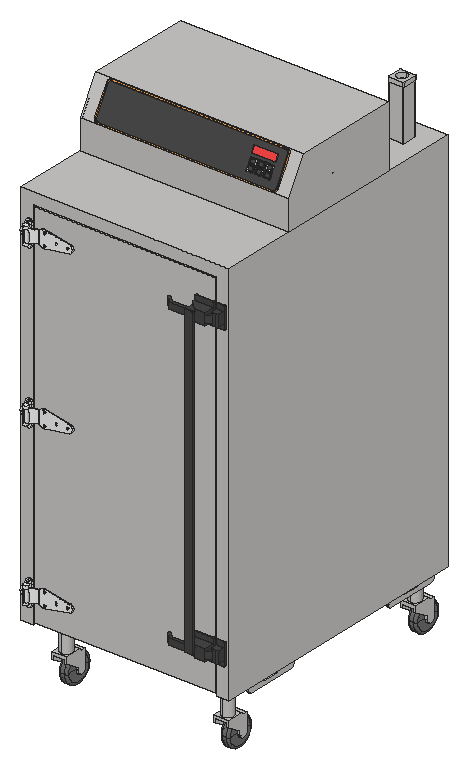
Revit family "QF_Southern Pride_SC-300", category Specialty Equipment, Revit 2019
Family settings
  Round Connector Dimension = Use Diameter
  Part Type = Normal
  OmniClass Number = 23.40.40.14.17.27
  OmniClass Title = Barbecues
  Work Plane-Based = No
  Always vertical = Yes
  Cut with Voids When Loaded = No
  Shared = No
  Room Calculation Point = No
Parameters
  Weight in Pounds = 300
  Watermarked By = ""
  Volts = 208 V
  URL Cutsheet = "https://www.southernpride.com/products/electric-smoker/sc-300"
  URL = "www.southernpride.com"
  Status [instance] = ""
  Specification by User [instance] = ""
  Specification by Manufacturer [instance] = ""
  Show Logo [instance] = yes
  Show Clearance [instance] = yes
  Serial Number [instance] = ""
  Revision Code [instance] = ""
  Phase = 1
  Optional Right Hand Door Hinge [instance] = no
  Number of Poles [instance] = 1
  NAFEM Spec ID Number [instance] = ""
  Model = "SC-300"
  Masterspec [instance] = ""
  Manufacturer = "Southern Pride"  # constant formula
  Left Hand Door Hinge [instance] = not(Optional Right Hand Door Hinge)  # yes
  Item Number [instance] = "-"
  Installed By [instance] = ""
  Furnished By [instance] = ""
  Foodservice Equipment Identifier = yes
  FL Amps = 30 A
  Electrical Remarks [instance] = ""
  Electric Connection Type = "2 Wire (plus Ground)"
  Elec Conn RI Height [instance] = 0.000"
  Elec Conn Connection Height = 13.375"
  Description = "Stationary Rack Smoker, Electric Woodchip-Burning"
  Cycle = 60 Hz
  Content Creator URL = "http://foodeqsym.com/"
  Content Creator = "Foodservice Equipment Symbols, LLC"  # constant formula
  Content Created = "01/04/2023"  # constant formula
  Conn Conduit = yes
  CSI MasterFormat = "11 44 00"
  Assembly Code = "E1090320"
  Apparent Power = if(Phase = 3, Volts * FL Amps * 1.73, Volts * FL Amps)  # 6240 VA
Reference planes (in)
  plane 1 "BACK": y = 0
  plane 2: z = 0
  plane 3 "LEFT": x = -16.56573
  plane 4 "RIGHT": x = 8.18427
  plane 5 "FRONT": y = -32.5
  plane 6 "TOP": z = 61.25
  plane 7 "Box Bottom": z = 7.75
  plane 8 "Box Top": z = 53.875
  plane 9 "Door Back": y = -31.5
  plane 10 "Door Top": z = 52.375
  plane 11 "Center LR": x = -4.19073
  plane 12 "Door Left": x = -14.94073
  plane 13 "Door Right": x = 6.55927
  plane 14 "Door Bottom": z = 8
  plane 15 "Top Front": y = -23.625
  plane 16 "Top Back": y = -8.75
  plane 17 "Flue Top": z = 60.4375
  plane 18 "Flue Top Bottom": z = 59.9375
  plane 19 "Flue CL LR": x = 5.18427
  plane 20 "Flue CL FB": y = -3
  plane 21 "Lower Back": y = -2.25
  plane 22 "Lower Front": y = -28.375
Forms (in)
  Extrusion 1, solid, material "QF_Stainless-Polished"
    sketch origin (0, 0, 0) x (1, 0, 0) y (0, 0, 1)
      loop
        line (-16.56573, 7.75) -> (-15.06573, 7.75) -> (-15.06573, 52.5) -> (6.68427, 52.5) -> (6.68427, 7.75) -> (8.18427, 7.75) -> (8.18427, 53.875) -> (-16.56573, 53.875) -> (-16.56573, 7.75)
    from 0 to 32.5
  Extrusion 2, solid, material "QF_Stainless-Polished"
    sketch origin (0, 0, 0) x (1, 0, 0) y (0, 0, 1)
      loop
        line (-15.06573, 52.5) -> (-15.06573, 7.75) -> (6.68427, 7.75) -> (6.68427, 52.5) -> (-15.06573, 52.5)
    from 0 to 31.5
  Extrusion 3, solid, material "QF_Stainless-Polished"
    sketch origin (0, 0, 7.75) x (0, 1, 0) y (-1, 0, 0)
      loop
        circle (-1.375, 13.81573) r 0.6875
      loop
        circle (-1.375, -5.43427) r 0.6875
      loop
        circle (-29.25, 13.81573) r 0.6875
      loop
        circle (-29.25, -5.43427) r 0.6875
    from 0 to -3.75
  Extrusion 4, solid, material "QF_Stainless-Polished"
    sketch origin (-16.56573, 0, 0) x (0, 1, 0) y (0, 0, 1)
      loop
        line (-23.625, 53.875) -> (-23.5, 53.875) -> (-23.5, 57.34151) -> (-21.3156, 61.125) -> (-8.875, 61.125) -> (-8.875, 53.875) -> (-8.75, 53.875) -> (-8.75, 61.25) -> (-21.38777, 61.25) -> (-23.625, 57.375) -> (-23.625, 53.875)
    from 0 to 24.75
  Extrusion 5, solid, material "QF_Stainless-Polished"
    sketch origin (-16.56573, 0, 0) x (0, 1, 0) y (0, 0, 1)
      loop
        line (-23.5, 57.34151) -> (-23.5, 53.875) -> (-8.875, 53.875) -> (-8.875, 61.125) -> (-21.3156, 61.125) -> (-23.5, 57.34151)
      loop
        arc (-22.125, 56.375) -> (-22.0625, 56.3125) -> (-22, 56.375) r 0.0625
        line (-22, 56.375) -> (-22, 57.375)
        arc (-22, 57.375) -> (-22.0625, 57.4375) -> (-22.125, 57.375) r 0.0625
        line (-22.125, 57.375) -> (-22.125, 56.375)
      loop
        arc (-21.75, 57.125) -> (-21.6875, 57.0625) -> (-21.625, 57.125) r 0.0625
        line (-21.625, 57.125) -> (-21.625, 58.125)
        arc (-21.625, 58.125) -> (-21.6875, 58.1875) -> (-21.75, 58.125) r 0.0625
        line (-21.75, 58.125) -> (-21.75, 57.125)
      loop
        arc (-21.375, 57.875) -> (-21.3125, 57.8125) -> (-21.25, 57.875) r 0.0625
        line (-21.25, 57.875) -> (-21.25, 58.875)
        arc (-21.25, 58.875) -> (-21.3125, 58.9375) -> (-21.375, 58.875) r 0.0625
        line (-21.375, 58.875) -> (-21.375, 57.875)
      loop
        arc (-21, 58.625) -> (-20.9375, 58.5625) -> (-20.875, 58.625) r 0.0625
        line (-20.875, 58.625) -> (-20.875, 59.625)
        arc (-20.875, 59.625) -> (-20.9375, 59.6875) -> (-21, 59.625) r 0.0625
        line (-21, 59.625) -> (-21, 58.625)
      loop
        arc (-20.5, 56.375) -> (-20.4375, 56.3125) -> (-20.375, 56.375) r 0.0625
        line (-20.375, 56.375) -> (-20.375, 57.375)
        arc (-20.375, 57.375) -> (-20.4375, 57.4375) -> (-20.5, 57.375) r 0.0625
        line (-20.5, 57.375) -> (-20.5, 56.375)
      loop
        arc (-20.125, 57.125) -> (-20.0625, 57.0625) -> (-20, 57.125) r 0.0625
        line (-20, 57.125) -> (-20, 58.125)
        arc (-20, 58.125) -> (-20.0625, 58.1875) -> (-20.125, 58.125) r 0.0625
        line (-20.125, 58.125) -> (-20.125, 57.125)
      loop
        arc (-19.75, 57.875) -> (-19.6875, 57.8125) -> (-19.625, 57.875) r 0.0625
        line (-19.625, 57.875) -> (-19.625, 58.875)
        arc (-19.625, 58.875) -> (-19.6875, 58.9375) -> (-19.75, 58.875) r 0.0625
        line (-19.75, 58.875) -> (-19.75, 57.875)
      loop
        arc (-19.375, 58.625) -> (-19.3125, 58.5625) -> (-19.25, 58.625) r 0.0625
        line (-19.25, 58.625) -> (-19.25, 59.625)
        arc (-19.25, 59.625) -> (-19.3125, 59.6875) -> (-19.375, 59.625) r 0.0625
        line (-19.375, 59.625) -> (-19.375, 58.625)
      loop
        arc (-20.875, 55.625) -> (-20.8125, 55.5625) -> (-20.75, 55.625) r 0.0625
        line (-20.75, 55.625) -> (-20.75, 56.625)
        arc (-20.75, 56.625) -> (-20.8125, 56.6875) -> (-20.875, 56.625) r 0.0625
        line (-20.875, 56.625) -> (-20.875, 55.625)
      loop
        arc (-18.875, 56.375) -> (-18.8125, 56.3125) -> (-18.75, 56.375) r 0.0625
        line (-18.75, 56.375) -> (-18.75, 57.375)
        arc (-18.75, 57.375) -> (-18.8125, 57.4375) -> (-18.875, 57.375) r 0.0625
        line (-18.875, 57.375) -> (-18.875, 56.375)
      loop
        arc (-18.5, 57.125) -> (-18.4375, 57.0625) -> (-18.375, 57.125) r 0.0625
        line (-18.375, 57.125) -> (-18.375, 58.125)
        arc (-18.375, 58.125) -> (-18.4375, 58.1875) -> (-18.5, 58.125) r 0.0625
        line (-18.5, 58.125) -> (-18.5, 57.125)
      loop
        arc (-18.125, 57.875) -> (-18.0625, 57.8125) -> (-18, 57.875) r 0.0625
        line (-18, 57.875) -> (-18, 58.875)
        arc (-18, 58.875) -> (-18.0625, 58.9375) -> (-18.125, 58.875) r 0.0625
        line (-18.125, 58.875) -> (-18.125, 57.875)
      loop
        arc (-17.75, 58.625) -> (-17.6875, 58.5625) -> (-17.625, 58.625) r 0.0625
        line (-17.625, 58.625) -> (-17.625, 59.625)
        arc (-17.625, 59.625) -> (-17.6875, 59.6875) -> (-17.75, 59.625) r 0.0625
        line (-17.75, 59.625) -> (-17.75, 58.625)
      loop
        arc (-19.25, 55.625) -> (-19.1875, 55.5625) -> (-19.125, 55.625) r 0.0625
        line (-19.125, 55.625) -> (-19.125, 56.625)
        arc (-19.125, 56.625) -> (-19.1875, 56.6875) -> (-19.25, 56.625) r 0.0625
        line (-19.25, 56.625) -> (-19.25, 55.625)
      loop
        arc (-17.25, 56.375) -> (-17.1875, 56.3125) -> (-17.125, 56.375) r 0.0625
        line (-17.125, 56.375) -> (-17.125, 57.375)
        arc (-17.125, 57.375) -> (-17.1875, 57.4375) -> (-17.25, 57.375) r 0.0625
        line (-17.25, 57.375) -> (-17.25, 56.375)
      loop
        arc (-16.875, 57.125) -> (-16.8125, 57.0625) -> (-16.75, 57.125) r 0.0625
        line (-16.75, 57.125) -> (-16.75, 58.125)
        arc (-16.75, 58.125) -> (-16.8125, 58.1875) -> (-16.875, 58.125) r 0.0625
        line (-16.875, 58.125) -> (-16.875, 57.125)
      loop
        arc (-16.5, 57.875) -> (-16.4375, 57.8125) -> (-16.375, 57.875) r 0.0625
        line (-16.375, 57.875) -> (-16.375, 58.875)
        arc (-16.375, 58.875) -> (-16.4375, 58.9375) -> (-16.5, 58.875) r 0.0625
        line (-16.5, 58.875) -> (-16.5, 57.875)
      loop
        arc (-16.125, 58.625) -> (-16.0625, 58.5625) -> (-16, 58.625) r 0.0625
        line (-16, 58.625) -> (-16, 59.625)
        arc (-16, 59.625) -> (-16.0625, 59.6875) -> (-16.125, 59.625) r 0.0625
        line (-16.125, 59.625) -> (-16.125, 58.625)
      loop
        arc (-17.625, 55.625) -> (-17.5625, 55.5625) -> (-17.5, 55.625) r 0.0625
        line (-17.5, 55.625) -> (-17.5, 56.625)
        arc (-17.5, 56.625) -> (-17.5625, 56.6875) -> (-17.625, 56.625) r 0.0625
        line (-17.625, 56.625) -> (-17.625, 55.625)
      loop
        arc (-15.625, 56.375) -> (-15.5625, 56.3125) -> (-15.5, 56.375) r 0.0625
        line (-15.5, 56.375) -> (-15.5, 57.375)
        arc (-15.5, 57.375) -> (-15.5625, 57.4375) -> (-15.625, 57.375) r 0.0625
        line (-15.625, 57.375) -> (-15.625, 56.375)
      loop
        arc (-15.25, 57.125) -> (-15.1875, 57.0625) -> (-15.125, 57.125) r 0.0625
        line (-15.125, 57.125) -> (-15.125, 58.125)
        arc (-15.125, 58.125) -> (-15.1875, 58.1875) -> (-15.25, 58.125) r 0.0625
        line (-15.25, 58.125) -> (-15.25, 57.125)
      loop
        arc (-14.875, 57.875) -> (-14.8125, 57.8125) -> (-14.75, 57.875) r 0.0625
        line (-14.75, 57.875) -> (-14.75, 58.875)
        arc (-14.75, 58.875) -> (-14.8125, 58.9375) -> (-14.875, 58.875) r 0.0625
        line (-14.875, 58.875) -> (-14.875, 57.875)
      loop
        arc (-14.5, 58.625) -> (-14.4375, 58.5625) -> (-14.375, 58.625) r 0.0625
        line (-14.375, 58.625) -> (-14.375, 59.625)
        arc (-14.375, 59.625) -> (-14.4375, 59.6875) -> (-14.5, 59.625) r 0.0625
        line (-14.5, 59.625) -> (-14.5, 58.625)
      loop
        arc (-16, 55.625) -> (-15.9375, 55.5625) -> (-15.875, 55.625) r 0.0625
        line (-15.875, 55.625) -> (-15.875, 56.625)
        arc (-15.875, 56.625) -> (-15.9375, 56.6875) -> (-16, 56.625) r 0.0625
        line (-16, 56.625) -> (-16, 55.625)
      loop
        arc (-14, 56.375) -> (-13.9375, 56.3125) -> (-13.875, 56.375) r 0.0625
        line (-13.875, 56.375) -> (-13.875, 57.375)
        arc (-13.875, 57.375) -> (-13.9375, 57.4375) -> (-14, 57.375) r 0.0625
        line (-14, 57.375) -> (-14, 56.375)
      loop
        arc (-13.625, 57.125) -> (-13.5625, 57.0625) -> (-13.5, 57.125) r 0.0625
        line (-13.5, 57.125) -> (-13.5, 58.125)
        arc (-13.5, 58.125) -> (-13.5625, 58.1875) -> (-13.625, 58.125) r 0.0625
        line (-13.625, 58.125) -> (-13.625, 57.125)
      loop
        arc (-13.25, 57.875) -> (-13.1875, 57.8125) -> (-13.125, 57.875) r 0.0625
        line (-13.125, 57.875) -> (-13.125, 58.875)
        arc (-13.125, 58.875) -> (-13.1875, 58.9375) -> (-13.25, 58.875) r 0.0625
        line (-13.25, 58.875) -> (-13.25, 57.875)
      loop
        arc (-12.875, 58.625) -> (-12.8125, 58.5625) -> (-12.75, 58.625) r 0.0625
        line (-12.75, 58.625) -> (-12.75, 59.625)
        arc (-12.75, 59.625) -> (-12.8125, 59.6875) -> (-12.875, 59.625) r 0.0625
        line (-12.875, 59.625) -> (-12.875, 58.625)
      loop
        arc (-14.375, 55.625) -> (-14.3125, 55.5625) -> (-14.25, 55.625) r 0.0625
        line (-14.25, 55.625) -> (-14.25, 56.625)
        arc (-14.25, 56.625) -> (-14.3125, 56.6875) -> (-14.375, 56.625) r 0.0625
        line (-14.375, 56.625) -> (-14.375, 55.625)
      loop
        arc (-12.375, 56.375) -> (-12.3125, 56.3125) -> (-12.25, 56.375) r 0.0625
        line (-12.25, 56.375) -> (-12.25, 57.375)
        arc (-12.25, 57.375) -> (-12.3125, 57.4375) -> (-12.375, 57.375) r 0.0625
        line (-12.375, 57.375) -> (-12.375, 56.375)
      loop
        arc (-12, 57.125) -> (-11.9375, 57.0625) -> (-11.875, 57.125) r 0.0625
        line (-11.875, 57.125) -> (-11.875, 58.125)
        arc (-11.875, 58.125) -> (-11.9375, 58.1875) -> (-12, 58.125) r 0.0625
        line (-12, 58.125) -> (-12, 57.125)
      loop
        arc (-11.625, 57.875) -> (-11.5625, 57.8125) -> (-11.5, 57.875) r 0.0625
        line (-11.5, 57.875) -> (-11.5, 58.875)
        arc (-11.5, 58.875) -> (-11.5625, 58.9375) -> (-11.625, 58.875) r 0.0625
        line (-11.625, 58.875) -> (-11.625, 57.875)
      loop
        arc (-11.25, 58.625) -> (-11.1875, 58.5625) -> (-11.125, 58.625) r 0.0625
        line (-11.125, 58.625) -> (-11.125, 59.625)
        arc (-11.125, 59.625) -> (-11.1875, 59.6875) -> (-11.25, 59.625) r 0.0625
        line (-11.25, 59.625) -> (-11.25, 58.625)
      loop
        arc (-12.75, 55.625) -> (-12.6875, 55.5625) -> (-12.625, 55.625) r 0.0625
        line (-12.625, 55.625) -> (-12.625, 56.625)
        arc (-12.625, 56.625) -> (-12.6875, 56.6875) -> (-12.75, 56.625) r 0.0625
        line (-12.75, 56.625) -> (-12.75, 55.625)
      loop
        arc (-10.75, 56.375) -> (-10.6875, 56.3125) -> (-10.625, 56.375) r 0.0625
        line (-10.625, 56.375) -> (-10.625, 57.375)
        arc (-10.625, 57.375) -> (-10.6875, 57.4375) -> (-10.75, 57.375) r 0.0625
        line (-10.75, 57.375) -> (-10.75, 56.375)
      loop
        arc (-10.375, 57.125) -> (-10.3125, 57.0625) -> (-10.25, 57.125) r 0.0625
        line (-10.25, 57.125) -> (-10.25, 58.125)
        arc (-10.25, 58.125) -> (-10.3125, 58.1875) -> (-10.375, 58.125) r 0.0625
        line (-10.375, 58.125) -> (-10.375, 57.125)
      loop
        arc (-10, 57.875) -> (-9.9375, 57.8125) -> (-9.875, 57.875) r 0.0625
        line (-9.875, 57.875) -> (-9.875, 58.875)
        arc (-9.875, 58.875) -> (-9.9375, 58.9375) -> (-10, 58.875) r 0.0625
        line (-10, 58.875) -> (-10, 57.875)
      loop
        arc (-11.125, 55.625) -> (-11.0625, 55.5625) -> (-11, 55.625) r 0.0625
        line (-11, 55.625) -> (-11, 56.625)
        arc (-11, 56.625) -> (-11.0625, 56.6875) -> (-11.125, 56.625) r 0.0625
        line (-11.125, 56.625) -> (-11.125, 55.625)
    from 0 to 0.125
  Extrusion 6, solid, material "QF_Stainless-Polished"
    sketch origin (8.18427, 0, 0) x (0, 1, 0) y (0, 0, 1)
      loop
        line (-23.5, 57.34151) -> (-23.5, 53.875) -> (-8.875, 53.875) -> (-8.875, 61.125) -> (-21.3156, 61.125) -> (-23.5, 57.34151)
      loop
        arc (-22.125, 56.375) -> (-22.0625, 56.3125) -> (-22, 56.375) r 0.0625
        line (-22, 56.375) -> (-22, 57.375)
        arc (-22, 57.375) -> (-22.0625, 57.4375) -> (-22.125, 57.375) r 0.0625
        line (-22.125, 57.375) -> (-22.125, 56.375)
      loop
        arc (-21.75, 57.125) -> (-21.6875, 57.0625) -> (-21.625, 57.125) r 0.0625
        line (-21.625, 57.125) -> (-21.625, 58.125)
        arc (-21.625, 58.125) -> (-21.6875, 58.1875) -> (-21.75, 58.125) r 0.0625
        line (-21.75, 58.125) -> (-21.75, 57.125)
      loop
        arc (-21.375, 57.875) -> (-21.3125, 57.8125) -> (-21.25, 57.875) r 0.0625
        line (-21.25, 57.875) -> (-21.25, 58.875)
        arc (-21.25, 58.875) -> (-21.3125, 58.9375) -> (-21.375, 58.875) r 0.0625
        line (-21.375, 58.875) -> (-21.375, 57.875)
      loop
        arc (-21, 58.625) -> (-20.9375, 58.5625) -> (-20.875, 58.625) r 0.0625
        line (-20.875, 58.625) -> (-20.875, 59.625)
        arc (-20.875, 59.625) -> (-20.9375, 59.6875) -> (-21, 59.625) r 0.0625
        line (-21, 59.625) -> (-21, 58.625)
      loop
        arc (-20.5, 56.375) -> (-20.4375, 56.3125) -> (-20.375, 56.375) r 0.0625
        line (-20.375, 56.375) -> (-20.375, 57.375)
        arc (-20.375, 57.375) -> (-20.4375, 57.4375) -> (-20.5, 57.375) r 0.0625
        line (-20.5, 57.375) -> (-20.5, 56.375)
      loop
        arc (-20.125, 57.125) -> (-20.0625, 57.0625) -> (-20, 57.125) r 0.0625
        line (-20, 57.125) -> (-20, 58.125)
        arc (-20, 58.125) -> (-20.0625, 58.1875) -> (-20.125, 58.125) r 0.0625
        line (-20.125, 58.125) -> (-20.125, 57.125)
      loop
        arc (-19.75, 57.875) -> (-19.6875, 57.8125) -> (-19.625, 57.875) r 0.0625
        line (-19.625, 57.875) -> (-19.625, 58.875)
        arc (-19.625, 58.875) -> (-19.6875, 58.9375) -> (-19.75, 58.875) r 0.0625
        line (-19.75, 58.875) -> (-19.75, 57.875)
      loop
        arc (-19.375, 58.625) -> (-19.3125, 58.5625) -> (-19.25, 58.625) r 0.0625
        line (-19.25, 58.625) -> (-19.25, 59.625)
        arc (-19.25, 59.625) -> (-19.3125, 59.6875) -> (-19.375, 59.625) r 0.0625
        line (-19.375, 59.625) -> (-19.375, 58.625)
      loop
        arc (-20.875, 55.625) -> (-20.8125, 55.5625) -> (-20.75, 55.625) r 0.0625
        line (-20.75, 55.625) -> (-20.75, 56.625)
        arc (-20.75, 56.625) -> (-20.8125, 56.6875) -> (-20.875, 56.625) r 0.0625
        line (-20.875, 56.625) -> (-20.875, 55.625)
      loop
        arc (-18.875, 56.375) -> (-18.8125, 56.3125) -> (-18.75, 56.375) r 0.0625
        line (-18.75, 56.375) -> (-18.75, 57.375)
        arc (-18.75, 57.375) -> (-18.8125, 57.4375) -> (-18.875, 57.375) r 0.0625
        line (-18.875, 57.375) -> (-18.875, 56.375)
      loop
        arc (-18.5, 57.125) -> (-18.4375, 57.0625) -> (-18.375, 57.125) r 0.0625
        line (-18.375, 57.125) -> (-18.375, 58.125)
        arc (-18.375, 58.125) -> (-18.4375, 58.1875) -> (-18.5, 58.125) r 0.0625
        line (-18.5, 58.125) -> (-18.5, 57.125)
      loop
        arc (-18.125, 57.875) -> (-18.0625, 57.8125) -> (-18, 57.875) r 0.0625
        line (-18, 57.875) -> (-18, 58.875)
        arc (-18, 58.875) -> (-18.0625, 58.9375) -> (-18.125, 58.875) r 0.0625
        line (-18.125, 58.875) -> (-18.125, 57.875)
      loop
        arc (-17.75, 58.625) -> (-17.6875, 58.5625) -> (-17.625, 58.625) r 0.0625
        line (-17.625, 58.625) -> (-17.625, 59.625)
        arc (-17.625, 59.625) -> (-17.6875, 59.6875) -> (-17.75, 59.625) r 0.0625
        line (-17.75, 59.625) -> (-17.75, 58.625)
      loop
        arc (-19.25, 55.625) -> (-19.1875, 55.5625) -> (-19.125, 55.625) r 0.0625
        line (-19.125, 55.625) -> (-19.125, 56.625)
        arc (-19.125, 56.625) -> (-19.1875, 56.6875) -> (-19.25, 56.625) r 0.0625
        line (-19.25, 56.625) -> (-19.25, 55.625)
      loop
        arc (-17.25, 56.375) -> (-17.1875, 56.3125) -> (-17.125, 56.375) r 0.0625
        line (-17.125, 56.375) -> (-17.125, 57.375)
        arc (-17.125, 57.375) -> (-17.1875, 57.4375) -> (-17.25, 57.375) r 0.0625
        line (-17.25, 57.375) -> (-17.25, 56.375)
      loop
        arc (-16.875, 57.125) -> (-16.8125, 57.0625) -> (-16.75, 57.125) r 0.0625
        line (-16.75, 57.125) -> (-16.75, 58.125)
        arc (-16.75, 58.125) -> (-16.8125, 58.1875) -> (-16.875, 58.125) r 0.0625
        line (-16.875, 58.125) -> (-16.875, 57.125)
      loop
        arc (-16.5, 57.875) -> (-16.4375, 57.8125) -> (-16.375, 57.875) r 0.0625
        line (-16.375, 57.875) -> (-16.375, 58.875)
        arc (-16.375, 58.875) -> (-16.4375, 58.9375) -> (-16.5, 58.875) r 0.0625
        line (-16.5, 58.875) -> (-16.5, 57.875)
      loop
        arc (-16.125, 58.625) -> (-16.0625, 58.5625) -> (-16, 58.625) r 0.0625
        line (-16, 58.625) -> (-16, 59.625)
        arc (-16, 59.625) -> (-16.0625, 59.6875) -> (-16.125, 59.625) r 0.0625
        line (-16.125, 59.625) -> (-16.125, 58.625)
      loop
        arc (-17.625, 55.625) -> (-17.5625, 55.5625) -> (-17.5, 55.625) r 0.0625
        line (-17.5, 55.625) -> (-17.5, 56.625)
        arc (-17.5, 56.625) -> (-17.5625, 56.6875) -> (-17.625, 56.625) r 0.0625
        line (-17.625, 56.625) -> (-17.625, 55.625)
      loop
        arc (-15.625, 56.375) -> (-15.5625, 56.3125) -> (-15.5, 56.375) r 0.0625
        line (-15.5, 56.375) -> (-15.5, 57.375)
        arc (-15.5, 57.375) -> (-15.5625, 57.4375) -> (-15.625, 57.375) r 0.0625
        line (-15.625, 57.375) -> (-15.625, 56.375)
      loop
        arc (-15.25, 57.125) -> (-15.1875, 57.0625) -> (-15.125, 57.125) r 0.0625
        line (-15.125, 57.125) -> (-15.125, 58.125)
        arc (-15.125, 58.125) -> (-15.1875, 58.1875) -> (-15.25, 58.125) r 0.0625
        line (-15.25, 58.125) -> (-15.25, 57.125)
      loop
        arc (-14.875, 57.875) -> (-14.8125, 57.8125) -> (-14.75, 57.875) r 0.0625
        line (-14.75, 57.875) -> (-14.75, 58.875)
        arc (-14.75, 58.875) -> (-14.8125, 58.9375) -> (-14.875, 58.875) r 0.0625
        line (-14.875, 58.875) -> (-14.875, 57.875)
      loop
        arc (-14.5, 58.625) -> (-14.4375, 58.5625) -> (-14.375, 58.625) r 0.0625
        line (-14.375, 58.625) -> (-14.375, 59.625)
        arc (-14.375, 59.625) -> (-14.4375, 59.6875) -> (-14.5, 59.625) r 0.0625
        line (-14.5, 59.625) -> (-14.5, 58.625)
      loop
        arc (-16, 55.625) -> (-15.9375, 55.5625) -> (-15.875, 55.625) r 0.0625
        line (-15.875, 55.625) -> (-15.875, 56.625)
        arc (-15.875, 56.625) -> (-15.9375, 56.6875) -> (-16, 56.625) r 0.0625
        line (-16, 56.625) -> (-16, 55.625)
      loop
        arc (-14, 56.375) -> (-13.9375, 56.3125) -> (-13.875, 56.375) r 0.0625
        line (-13.875, 56.375) -> (-13.875, 57.375)
        arc (-13.875, 57.375) -> (-13.9375, 57.4375) -> (-14, 57.375) r 0.0625
        line (-14, 57.375) -> (-14, 56.375)
      loop
        arc (-13.625, 57.125) -> (-13.5625, 57.0625) -> (-13.5, 57.125) r 0.0625
        line (-13.5, 57.125) -> (-13.5, 58.125)
        arc (-13.5, 58.125) -> (-13.5625, 58.1875) -> (-13.625, 58.125) r 0.0625
        line (-13.625, 58.125) -> (-13.625, 57.125)
      loop
        arc (-13.25, 57.875) -> (-13.1875, 57.8125) -> (-13.125, 57.875) r 0.0625
        line (-13.125, 57.875) -> (-13.125, 58.875)
        arc (-13.125, 58.875) -> (-13.1875, 58.9375) -> (-13.25, 58.875) r 0.0625
        line (-13.25, 58.875) -> (-13.25, 57.875)
      loop
        arc (-12.875, 58.625) -> (-12.8125, 58.5625) -> (-12.75, 58.625) r 0.0625
        line (-12.75, 58.625) -> (-12.75, 59.625)
        arc (-12.75, 59.625) -> (-12.8125, 59.6875) -> (-12.875, 59.625) r 0.0625
        line (-12.875, 59.625) -> (-12.875, 58.625)
      loop
        arc (-14.375, 55.625) -> (-14.3125, 55.5625) -> (-14.25, 55.625) r 0.0625
        line (-14.25, 55.625) -> (-14.25, 56.625)
        arc (-14.25, 56.625) -> (-14.3125, 56.6875) -> (-14.375, 56.625) r 0.0625
        line (-14.375, 56.625) -> (-14.375, 55.625)
      loop
        arc (-12.375, 56.375) -> (-12.3125, 56.3125) -> (-12.25, 56.375) r 0.0625
        line (-12.25, 56.375) -> (-12.25, 57.375)
        arc (-12.25, 57.375) -> (-12.3125, 57.4375) -> (-12.375, 57.375) r 0.0625
        line (-12.375, 57.375) -> (-12.375, 56.375)
      loop
        arc (-12, 57.125) -> (-11.9375, 57.0625) -> (-11.875, 57.125) r 0.0625
        line (-11.875, 57.125) -> (-11.875, 58.125)
        arc (-11.875, 58.125) -> (-11.9375, 58.1875) -> (-12, 58.125) r 0.0625
        line (-12, 58.125) -> (-12, 57.125)
      loop
        arc (-11.625, 57.875) -> (-11.5625, 57.8125) -> (-11.5, 57.875) r 0.0625
        line (-11.5, 57.875) -> (-11.5, 58.875)
        arc (-11.5, 58.875) -> (-11.5625, 58.9375) -> (-11.625, 58.875) r 0.0625
        line (-11.625, 58.875) -> (-11.625, 57.875)
      loop
        arc (-11.25, 58.625) -> (-11.1875, 58.5625) -> (-11.125, 58.625) r 0.0625
        line (-11.125, 58.625) -> (-11.125, 59.625)
        arc (-11.125, 59.625) -> (-11.1875, 59.6875) -> (-11.25, 59.625) r 0.0625
        line (-11.25, 59.625) -> (-11.25, 58.625)
      loop
        arc (-12.75, 55.625) -> (-12.6875, 55.5625) -> (-12.625, 55.625) r 0.0625
        line (-12.625, 55.625) -> (-12.625, 56.625)
        arc (-12.625, 56.625) -> (-12.6875, 56.6875) -> (-12.75, 56.625) r 0.0625
        line (-12.75, 56.625) -> (-12.75, 55.625)
      loop
        arc (-10.75, 56.375) -> (-10.6875, 56.3125) -> (-10.625, 56.375) r 0.0625
        line (-10.625, 56.375) -> (-10.625, 57.375)
        arc (-10.625, 57.375) -> (-10.6875, 57.4375) -> (-10.75, 57.375) r 0.0625
        line (-10.75, 57.375) -> (-10.75, 56.375)
      loop
        arc (-10.375, 57.125) -> (-10.3125, 57.0625) -> (-10.25, 57.125) r 0.0625
        line (-10.25, 57.125) -> (-10.25, 58.125)
        arc (-10.25, 58.125) -> (-10.3125, 58.1875) -> (-10.375, 58.125) r 0.0625
        line (-10.375, 58.125) -> (-10.375, 57.125)
      loop
        arc (-10, 57.875) -> (-9.9375, 57.8125) -> (-9.875, 57.875) r 0.0625
        line (-9.875, 57.875) -> (-9.875, 58.875)
        arc (-9.875, 58.875) -> (-9.9375, 58.9375) -> (-10, 58.875) r 0.0625
        line (-10, 58.875) -> (-10, 57.875)
      loop
        arc (-11.125, 55.625) -> (-11.0625, 55.5625) -> (-11, 55.625) r 0.0625
        line (-11, 55.625) -> (-11, 56.625)
        arc (-11, 56.625) -> (-11.0625, 56.6875) -> (-11.125, 56.625) r 0.0625
        line (-11.125, 56.625) -> (-11.125, 55.625)
    from 0 to -0.125
  Extrusion 7, void
    sketch origin (0, -8.75, 0) x (-1, 0, 0) y (0, 0, 1)
      loop
        arc (-6.87177, 57.875) -> (-6.80927, 57.8125) -> (-6.74677, 57.875) r 0.0625
        line (-6.74677, 57.875) -> (-6.74677, 58.875)
        arc (-6.74677, 58.875) -> (-6.80927, 58.9375) -> (-6.87177, 58.875) r 0.0625
        line (-6.87177, 58.875) -> (-6.87177, 57.875)
      loop
        arc (-6.49677, 58.625) -> (-6.43427, 58.5625) -> (-6.37177, 58.625) r 0.0625
        line (-6.37177, 58.625) -> (-6.37177, 59.625)
        arc (-6.37177, 59.625) -> (-6.43427, 59.6875) -> (-6.49677, 59.625) r 0.0625
        line (-6.49677, 59.625) -> (-6.49677, 58.625)
      loop
        arc (-5.99677, 56.375) -> (-5.93427, 56.3125) -> (-5.87177, 56.375) r 0.0625
        line (-5.87177, 56.375) -> (-5.87177, 57.375)
        arc (-5.87177, 57.375) -> (-5.93427, 57.4375) -> (-5.99677, 57.375) r 0.0625
        line (-5.99677, 57.375) -> (-5.99677, 56.375)
      loop
        arc (-5.62177, 57.125) -> (-5.55927, 57.0625) -> (-5.49677, 57.125) r 0.0625
        line (-5.49677, 57.125) -> (-5.49677, 58.125)
        arc (-5.49677, 58.125) -> (-5.55927, 58.1875) -> (-5.62177, 58.125) r 0.0625
        line (-5.62177, 58.125) -> (-5.62177, 57.125)
      loop
        arc (-5.24677, 57.875) -> (-5.18427, 57.8125) -> (-5.12177, 57.875) r 0.0625
        line (-5.12177, 57.875) -> (-5.12177, 58.875)
        arc (-5.12177, 58.875) -> (-5.18427, 58.9375) -> (-5.24677, 58.875) r 0.0625
        line (-5.24677, 58.875) -> (-5.24677, 57.875)
      loop
        arc (-4.87177, 58.625) -> (-4.80927, 58.5625) -> (-4.74677, 58.625) r 0.0625
        line (-4.74677, 58.625) -> (-4.74677, 59.625)
        arc (-4.74677, 59.625) -> (-4.80927, 59.6875) -> (-4.87177, 59.625) r 0.0625
        line (-4.87177, 59.625) -> (-4.87177, 58.625)
      loop
        arc (-6.37177, 55.625) -> (-6.30927, 55.5625) -> (-6.24677, 55.625) r 0.0625
        line (-6.24677, 55.625) -> (-6.24677, 56.625)
        arc (-6.24677, 56.625) -> (-6.30927, 56.6875) -> (-6.37177, 56.625) r 0.0625
        line (-6.37177, 56.625) -> (-6.37177, 55.625)
      loop
        arc (-4.37177, 56.375) -> (-4.30927, 56.3125) -> (-4.24677, 56.375) r 0.0625
        line (-4.24677, 56.375) -> (-4.24677, 57.375)
        arc (-4.24677, 57.375) -> (-4.30927, 57.4375) -> (-4.37177, 57.375) r 0.0625
        line (-4.37177, 57.375) -> (-4.37177, 56.375)
      loop
        arc (-3.99677, 57.125) -> (-3.93427, 57.0625) -> (-3.87177, 57.125) r 0.0625
        line (-3.87177, 57.125) -> (-3.87177, 58.125)
        arc (-3.87177, 58.125) -> (-3.93427, 58.1875) -> (-3.99677, 58.125) r 0.0625
        line (-3.99677, 58.125) -> (-3.99677, 57.125)
      loop
        arc (-3.62177, 57.875) -> (-3.55927, 57.8125) -> (-3.49677, 57.875) r 0.0625
        line (-3.49677, 57.875) -> (-3.49677, 58.875)
        arc (-3.49677, 58.875) -> (-3.55927, 58.9375) -> (-3.62177, 58.875) r 0.0625
        line (-3.62177, 58.875) -> (-3.62177, 57.875)
      loop
        arc (-3.24677, 58.625) -> (-3.18427, 58.5625) -> (-3.12177, 58.625) r 0.0625
        line (-3.12177, 58.625) -> (-3.12177, 59.625)
        arc (-3.12177, 59.625) -> (-3.18427, 59.6875) -> (-3.24677, 59.625) r 0.0625
        line (-3.24677, 59.625) -> (-3.24677, 58.625)
      loop
        arc (-4.74677, 55.625) -> (-4.68427, 55.5625) -> (-4.62177, 55.625) r 0.0625
        line (-4.62177, 55.625) -> (-4.62177, 56.625)
        arc (-4.62177, 56.625) -> (-4.68427, 56.6875) -> (-4.74677, 56.625) r 0.0625
        line (-4.74677, 56.625) -> (-4.74677, 55.625)
      loop
        arc (-2.74677, 56.375) -> (-2.68427, 56.3125) -> (-2.62177, 56.375) r 0.0625
        line (-2.62177, 56.375) -> (-2.62177, 57.375)
        arc (-2.62177, 57.375) -> (-2.68427, 57.4375) -> (-2.74677, 57.375) r 0.0625
        line (-2.74677, 57.375) -> (-2.74677, 56.375)
      loop
        arc (-2.37177, 57.125) -> (-2.30927, 57.0625) -> (-2.24677, 57.125) r 0.0625
        line (-2.24677, 57.125) -> (-2.24677, 58.125)
        arc (-2.24677, 58.125) -> (-2.30927, 58.1875) -> (-2.37177, 58.125) r 0.0625
        line (-2.37177, 58.125) -> (-2.37177, 57.125)
      loop
        arc (-1.99677, 57.875) -> (-1.93427, 57.8125) -> (-1.87177, 57.875) r 0.0625
        line (-1.87177, 57.875) -> (-1.87177, 58.875)
        arc (-1.87177, 58.875) -> (-1.93427, 58.9375) -> (-1.99677, 58.875) r 0.0625
        line (-1.99677, 58.875) -> (-1.99677, 57.875)
      loop
        arc (-1.62177, 58.625) -> (-1.55927, 58.5625) -> (-1.49677, 58.625) r 0.0625
        line (-1.49677, 58.625) -> (-1.49677, 59.625)
        arc (-1.49677, 59.625) -> (-1.55927, 59.6875) -> (-1.62177, 59.625) r 0.0625
        line (-1.62177, 59.625) -> (-1.62177, 58.625)
      loop
        arc (-3.12177, 55.625) -> (-3.05927, 55.5625) -> (-2.99677, 55.625) r 0.0625
        line (-2.99677, 55.625) -> (-2.99677, 56.625)
        arc (-2.99677, 56.625) -> (-3.05927, 56.6875) -> (-3.12177, 56.625) r 0.0625
        line (-3.12177, 56.625) -> (-3.12177, 55.625)
      loop
        arc (-1.12177, 56.375) -> (-1.05927, 56.3125) -> (-0.99677, 56.375) r 0.0625
        line (-0.99677, 56.375) -> (-0.99677, 57.375)
        arc (-0.99677, 57.375) -> (-1.05927, 57.4375) -> (-1.12177, 57.375) r 0.0625
        line (-1.12177, 57.375) -> (-1.12177, 56.375)
      loop
        arc (-0.74677, 57.125) -> (-0.68427, 57.0625) -> (-0.62177, 57.125) r 0.0625
        line (-0.62177, 57.125) -> (-0.62177, 58.125)
        arc (-0.62177, 58.125) -> (-0.68427, 58.1875) -> (-0.74677, 58.125) r 0.0625
        line (-0.74677, 58.125) -> (-0.74677, 57.125)
      loop
        arc (-0.37177, 57.875) -> (-0.30927, 57.8125) -> (-0.24677, 57.875) r 0.0625
        line (-0.24677, 57.875) -> (-0.24677, 58.875)
        arc (-0.24677, 58.875) -> (-0.30927, 58.9375) -> (-0.37177, 58.875) r 0.0625
        line (-0.37177, 58.875) -> (-0.37177, 57.875)
      loop
        arc (0.00323, 58.625) -> (0.06573, 58.5625) -> (0.12823, 58.625) r 0.0625
        line (0.12823, 58.625) -> (0.12823, 59.625)
        arc (0.12823, 59.625) -> (0.06573, 59.6875) -> (0.00323, 59.625) r 0.0625
        line (0.00323, 59.625) -> (0.00323, 58.625)
      loop
        arc (-1.49677, 55.625) -> (-1.43427, 55.5625) -> (-1.37177, 55.625) r 0.0625
        line (-1.37177, 55.625) -> (-1.37177, 56.625)
        arc (-1.37177, 56.625) -> (-1.43427, 56.6875) -> (-1.49677, 56.625) r 0.0625
        line (-1.49677, 56.625) -> (-1.49677, 55.625)
      loop
        arc (0.50323, 56.375) -> (0.56573, 56.3125) -> (0.62823, 56.375) r 0.0625
        line (0.62823, 56.375) -> (0.62823, 57.375)
        arc (0.62823, 57.375) -> (0.56573, 57.4375) -> (0.50323, 57.375) r 0.0625
        line (0.50323, 57.375) -> (0.50323, 56.375)
      loop
        arc (0.87823, 57.125) -> (0.94073, 57.0625) -> (1.00323, 57.125) r 0.0625
        line (1.00323, 57.125) -> (1.00323, 58.125)
        arc (1.00323, 58.125) -> (0.94073, 58.1875) -> (0.87823, 58.125) r 0.0625
        line (0.87823, 58.125) -> (0.87823, 57.125)
      loop
        arc (1.25323, 57.875) -> (1.31573, 57.8125) -> (1.37823, 57.875) r 0.0625
        line (1.37823, 57.875) -> (1.37823, 58.875)
        arc (1.37823, 58.875) -> (1.31573, 58.9375) -> (1.25323, 58.875) r 0.0625
        line (1.25323, 58.875) -> (1.25323, 57.875)
      loop
        arc (1.62823, 58.625) -> (1.69073, 58.5625) -> (1.75323, 58.625) r 0.0625
        line (1.75323, 58.625) -> (1.75323, 59.625)
        arc (1.75323, 59.625) -> (1.69073, 59.6875) -> (1.62823, 59.625) r 0.0625
        line (1.62823, 59.625) -> (1.62823, 58.625)
      loop
        arc (0.12823, 55.625) -> (0.19073, 55.5625) -> (0.25323, 55.625) r 0.0625
        line (0.25323, 55.625) -> (0.25323, 56.625)
        arc (0.25323, 56.625) -> (0.19073, 56.6875) -> (0.12823, 56.625) r 0.0625
        line (0.12823, 56.625) -> (0.12823, 55.625)
      loop
        arc (2.12823, 56.375) -> (2.19073, 56.3125) -> (2.25323, 56.375) r 0.0625
        line (2.25323, 56.375) -> (2.25323, 57.375)
        arc (2.25323, 57.375) -> (2.19073, 57.4375) -> (2.12823, 57.375) r 0.0625
        line (2.12823, 57.375) -> (2.12823, 56.375)
      loop
        arc (2.50323, 57.125) -> (2.56573, 57.0625) -> (2.62823, 57.125) r 0.0625
        line (2.62823, 57.125) -> (2.62823, 58.125)
        arc (2.62823, 58.125) -> (2.56573, 58.1875) -> (2.50323, 58.125) r 0.0625
        line (2.50323, 58.125) -> (2.50323, 57.125)
      loop
        arc (2.87823, 57.875) -> (2.94073, 57.8125) -> (3.00323, 57.875) r 0.0625
        line (3.00323, 57.875) -> (3.00323, 58.875)
        arc (3.00323, 58.875) -> (2.94073, 58.9375) -> (2.87823, 58.875) r 0.0625
        line (2.87823, 58.875) -> (2.87823, 57.875)
      loop
        arc (3.25323, 58.625) -> (3.31573, 58.5625) -> (3.37823, 58.625) r 0.0625
        line (3.37823, 58.625) -> (3.37823, 59.625)
        arc (3.37823, 59.625) -> (3.31573, 59.6875) -> (3.25323, 59.625) r 0.0625
        line (3.25323, 59.625) -> (3.25323, 58.625)
      loop
        arc (1.75323, 55.625) -> (1.81573, 55.5625) -> (1.87823, 55.625) r 0.0625
        line (1.87823, 55.625) -> (1.87823, 56.625)
        arc (1.87823, 56.625) -> (1.81573, 56.6875) -> (1.75323, 56.625) r 0.0625
        line (1.75323, 56.625) -> (1.75323, 55.625)
      loop
        arc (3.75323, 56.375) -> (3.81573, 56.3125) -> (3.87823, 56.375) r 0.0625
        line (3.87823, 56.375) -> (3.87823, 57.375)
        arc (3.87823, 57.375) -> (3.81573, 57.4375) -> (3.75323, 57.375) r 0.0625
        line (3.75323, 57.375) -> (3.75323, 56.375)
      loop
        arc (4.12823, 57.125) -> (4.19073, 57.0625) -> (4.25323, 57.125) r 0.0625
        line (4.25323, 57.125) -> (4.25323, 58.125)
        arc (4.25323, 58.125) -> (4.19073, 58.1875) -> (4.12823, 58.125) r 0.0625
        line (4.12823, 58.125) -> (4.12823, 57.125)
      loop
        arc (3.37823, 55.625) -> (3.44073, 55.5625) -> (3.50323, 55.625) r 0.0625
        line (3.50323, 55.625) -> (3.50323, 56.625)
        arc (3.50323, 56.625) -> (3.44073, 56.6875) -> (3.37823, 56.625) r 0.0625
        line (3.37823, 56.625) -> (3.37823, 55.625)
      loop
        line (15.25323, 57.875) -> (15.25323, 58.875)
        arc (15.25323, 58.875) -> (15.19073, 58.9375) -> (15.12823, 58.875) r 0.0625
        line (15.12823, 58.875) -> (15.12823, 57.875)
        arc (15.12823, 57.875) -> (15.19073, 57.8125) -> (15.25323, 57.875) r 0.0625
      loop
        line (14.87823, 58.625) -> (14.87823, 59.625)
        arc (14.87823, 59.625) -> (14.81573, 59.6875) -> (14.75323, 59.625) r 0.0625
        line (14.75323, 59.625) -> (14.75323, 58.625)
        arc (14.75323, 58.625) -> (14.81573, 58.5625) -> (14.87823, 58.625) r 0.0625
      loop
        line (14.37823, 56.375) -> (14.37823, 57.375)
        arc (14.37823, 57.375) -> (14.31573, 57.4375) -> (14.25323, 57.375) r 0.0625
        line (14.25323, 57.375) -> (14.25323, 56.375)
        arc (14.25323, 56.375) -> (14.31573, 56.3125) -> (14.37823, 56.375) r 0.0625
      loop
        line (14.00323, 57.125) -> (14.00323, 58.125)
        arc (14.00323, 58.125) -> (13.94073, 58.1875) -> (13.87823, 58.125) r 0.0625
        line (13.87823, 58.125) -> (13.87823, 57.125)
        arc (13.87823, 57.125) -> (13.94073, 57.0625) -> (14.00323, 57.125) r 0.0625
      loop
        line (13.62823, 57.875) -> (13.62823, 58.875)
        arc (13.62823, 58.875) -> (13.56573, 58.9375) -> (13.50323, 58.875) r 0.0625
        line (13.50323, 58.875) -> (13.50323, 57.875)
        arc (13.50323, 57.875) -> (13.56573, 57.8125) -> (13.62823, 57.875) r 0.0625
      loop
        line (13.25323, 58.625) -> (13.25323, 59.625)
        arc (13.25323, 59.625) -> (13.19073, 59.6875) -> (13.12823, 59.625) r 0.0625
        line (13.12823, 59.625) -> (13.12823, 58.625)
        arc (13.12823, 58.625) -> (13.19073, 58.5625) -> (13.25323, 58.625) r 0.0625
      loop
        line (14.75323, 55.625) -> (14.75323, 56.625)
        arc (14.75323, 56.625) -> (14.69073, 56.6875) -> (14.62823, 56.625) r 0.0625
        line (14.62823, 56.625) -> (14.62823, 55.625)
        arc (14.62823, 55.625) -> (14.69073, 55.5625) -> (14.75323, 55.625) r 0.0625
      loop
        line (12.75323, 56.375) -> (12.75323, 57.375)
        arc (12.75323, 57.375) -> (12.69073, 57.4375) -> (12.62823, 57.375) r 0.0625
        line (12.62823, 57.375) -> (12.62823, 56.375)
        arc (12.62823, 56.375) -> (12.69073, 56.3125) -> (12.75323, 56.375) r 0.0625
      loop
        line (12.37823, 57.125) -> (12.37823, 58.125)
        arc (12.37823, 58.125) -> (12.31573, 58.1875) -> (12.25323, 58.125) r 0.0625
        line (12.25323, 58.125) -> (12.25323, 57.125)
        arc (12.25323, 57.125) -> (12.31573, 57.0625) -> (12.37823, 57.125) r 0.0625
      loop
        line (12.00323, 57.875) -> (12.00323, 58.875)
        arc (12.00323, 58.875) -> (11.94073, 58.9375) -> (11.87823, 58.875) r 0.0625
        line (11.87823, 58.875) -> (11.87823, 57.875)
        arc (11.87823, 57.875) -> (11.94073, 57.8125) -> (12.00323, 57.875) r 0.0625
      loop
        line (11.62823, 58.625) -> (11.62823, 59.625)
        arc (11.62823, 59.625) -> (11.56573, 59.6875) -> (11.50323, 59.625) r 0.0625
        line (11.50323, 59.625) -> (11.50323, 58.625)
        arc (11.50323, 58.625) -> (11.56573, 58.5625) -> (11.62823, 58.625) r 0.0625
      loop
        line (13.12823, 55.625) -> (13.12823, 56.625)
        arc (13.12823, 56.625) -> (13.06573, 56.6875) -> (13.00323, 56.625) r 0.0625
        line (13.00323, 56.625) -> (13.00323, 55.625)
        arc (13.00323, 55.625) -> (13.06573, 55.5625) -> (13.12823, 55.625) r 0.0625
      loop
        line (11.12823, 56.375) -> (11.12823, 57.375)
        arc (11.12823, 57.375) -> (11.06573, 57.4375) -> (11.00323, 57.375) r 0.0625
        line (11.00323, 57.375) -> (11.00323, 56.375)
        arc (11.00323, 56.375) -> (11.06573, 56.3125) -> (11.12823, 56.375) r 0.0625
      loop
        line (10.75323, 57.125) -> (10.75323, 58.125)
        arc (10.75323, 58.125) -> (10.69073, 58.1875) -> (10.62823, 58.125) r 0.0625
        line (10.62823, 58.125) -> (10.62823, 57.125)
        arc (10.62823, 57.125) -> (10.69073, 57.0625) -> (10.75323, 57.125) r 0.0625
      loop
        line (10.37823, 57.875) -> (10.37823, 58.875)
        arc (10.37823, 58.875) -> (10.31573, 58.9375) -> (10.25323, 58.875) r 0.0625
        line (10.25323, 58.875) -> (10.25323, 57.875)
        arc (10.25323, 57.875) -> (10.31573, 57.8125) -> (10.37823, 57.875) r 0.0625
      loop
        line (10.00323, 58.625) -> (10.00323, 59.625)
        arc (10.00323, 59.625) -> (9.94073, 59.6875) -> (9.87823, 59.625) r 0.0625
        line (9.87823, 59.625) -> (9.87823, 58.625)
        arc (9.87823, 58.625) -> (9.94073, 58.5625) -> (10.00323, 58.625) r 0.0625
      loop
        line (11.50323, 55.625) -> (11.50323, 56.625)
        arc (11.50323, 56.625) -> (11.44073, 56.6875) -> (11.37823, 56.625) r 0.0625
        line (11.37823, 56.625) -> (11.37823, 55.625)
        arc (11.37823, 55.625) -> (11.44073, 55.5625) -> (11.50323, 55.625) r 0.0625
      loop
        line (9.50323, 56.375) -> (9.50323, 57.375)
        arc (9.50323, 57.375) -> (9.44073, 57.4375) -> (9.37823, 57.375) r 0.0625
        line (9.37823, 57.375) -> (9.37823, 56.375)
        arc (9.37823, 56.375) -> (9.44073, 56.3125) -> (9.50323, 56.375) r 0.0625
      loop
        line (9.12823, 57.125) -> (9.12823, 58.125)
        arc (9.12823, 58.125) -> (9.06573, 58.1875) -> (9.00323, 58.125) r 0.0625
        line (9.00323, 58.125) -> (9.00323, 57.125)
        arc (9.00323, 57.125) -> (9.06573, 57.0625) -> (9.12823, 57.125) r 0.0625
      loop
        line (8.75323, 57.875) -> (8.75323, 58.875)
        arc (8.75323, 58.875) -> (8.69073, 58.9375) -> (8.62823, 58.875) r 0.0625
        line (8.62823, 58.875) -> (8.62823, 57.875)
        arc (8.62823, 57.875) -> (8.69073, 57.8125) -> (8.75323, 57.875) r 0.0625
      loop
        line (8.37823, 58.625) -> (8.37823, 59.625)
        arc (8.37823, 59.625) -> (8.31573, 59.6875) -> (8.25323, 59.625) r 0.0625
        line (8.25323, 59.625) -> (8.25323, 58.625)
        arc (8.25323, 58.625) -> (8.31573, 58.5625) -> (8.37823, 58.625) r 0.0625
      loop
        line (9.87823, 55.625) -> (9.87823, 56.625)
        arc (9.87823, 56.625) -> (9.81573, 56.6875) -> (9.75323, 56.625) r 0.0625
        line (9.75323, 56.625) -> (9.75323, 55.625)
        arc (9.75323, 55.625) -> (9.81573, 55.5625) -> (9.87823, 55.625) r 0.0625
      loop
        line (7.87823, 56.375) -> (7.87823, 57.375)
        arc (7.87823, 57.375) -> (7.81573, 57.4375) -> (7.75323, 57.375) r 0.0625
        line (7.75323, 57.375) -> (7.75323, 56.375)
        arc (7.75323, 56.375) -> (7.81573, 56.3125) -> (7.87823, 56.375) r 0.0625
      loop
        line (7.50323, 57.125) -> (7.50323, 58.125)
        arc (7.50323, 58.125) -> (7.44073, 58.1875) -> (7.37823, 58.125) r 0.0625
        line (7.37823, 58.125) -> (7.37823, 57.125)
        arc (7.37823, 57.125) -> (7.44073, 57.0625) -> (7.50323, 57.125) r 0.0625
      loop
        line (7.12823, 57.875) -> (7.12823, 58.875)
        arc (7.12823, 58.875) -> (7.06573, 58.9375) -> (7.00323, 58.875) r 0.0625
        line (7.00323, 58.875) -> (7.00323, 57.875)
        arc (7.00323, 57.875) -> (7.06573, 57.8125) -> (7.12823, 57.875) r 0.0625
      loop
        line (6.75323, 58.625) -> (6.75323, 59.625)
        arc (6.75323, 59.625) -> (6.69073, 59.6875) -> (6.62823, 59.625) r 0.0625
        line (6.62823, 59.625) -> (6.62823, 58.625)
        arc (6.62823, 58.625) -> (6.69073, 58.5625) -> (6.75323, 58.625) r 0.0625
      loop
        line (8.25323, 55.625) -> (8.25323, 56.625)
        arc (8.25323, 56.625) -> (8.19073, 56.6875) -> (8.12823, 56.625) r 0.0625
        line (8.12823, 56.625) -> (8.12823, 55.625)
        arc (8.12823, 55.625) -> (8.19073, 55.5625) -> (8.25323, 55.625) r 0.0625
      loop
        line (6.25323, 56.375) -> (6.25323, 57.375)
        arc (6.25323, 57.375) -> (6.19073, 57.4375) -> (6.12823, 57.375) r 0.0625
        line (6.12823, 57.375) -> (6.12823, 56.375)
        arc (6.12823, 56.375) -> (6.19073, 56.3125) -> (6.25323, 56.375) r 0.0625
      loop
        line (5.87823, 57.125) -> (5.87823, 58.125)
        arc (5.87823, 58.125) -> (5.81573, 58.1875) -> (5.75323, 58.125) r 0.0625
        line (5.75323, 58.125) -> (5.75323, 57.125)
        arc (5.75323, 57.125) -> (5.81573, 57.0625) -> (5.87823, 57.125) r 0.0625
      loop
        line (5.50323, 57.875) -> (5.50323, 58.875)
        arc (5.50323, 58.875) -> (5.44073, 58.9375) -> (5.37823, 58.875) r 0.0625
        line (5.37823, 58.875) -> (5.37823, 57.875)
        arc (5.37823, 57.875) -> (5.44073, 57.8125) -> (5.50323, 57.875) r 0.0625
      loop
        line (5.12823, 58.625) -> (5.12823, 59.625)
        arc (5.12823, 59.625) -> (5.06573, 59.6875) -> (5.00323, 59.625) r 0.0625
        line (5.00323, 59.625) -> (5.00323, 58.625)
        arc (5.00323, 58.625) -> (5.06573, 58.5625) -> (5.12823, 58.625) r 0.0625
      loop
        line (6.62823, 55.625) -> (6.62823, 56.625)
        arc (6.62823, 56.625) -> (6.56573, 56.6875) -> (6.50323, 56.625) r 0.0625
        line (6.50323, 56.625) -> (6.50323, 55.625)
        arc (6.50323, 55.625) -> (6.56573, 55.5625) -> (6.62823, 55.625) r 0.0625
      loop
        line (4.62823, 56.375) -> (4.62823, 57.375)
        arc (4.62823, 57.375) -> (4.56573, 57.4375) -> (4.50323, 57.375) r 0.0625
        line (4.50323, 57.375) -> (4.50323, 56.375)
        arc (4.50323, 56.375) -> (4.56573, 56.3125) -> (4.62823, 56.375) r 0.0625
      loop
        line (5.00323, 55.625) -> (5.00323, 56.625)
        arc (5.00323, 56.625) -> (4.94073, 56.6875) -> (4.87823, 56.625) r 0.0625
        line (4.87823, 56.625) -> (4.87823, 55.625)
        arc (4.87823, 55.625) -> (4.94073, 55.5625) -> (5.00323, 55.625) r 0.0625
    from 0 to -0.125
  Extrusion 8, solid, material "QF_Plastic-Orange"
    sketch origin (0, -52.15325, 7.96261) x (-1, 0, 0) y (0, 0.5, 0.866025)
      loop
        arc (-6.18427, 61.50625) -> (-6.53783, 61.3598) -> (-6.68427, 61.00625) r 0.5
        line (-6.68427, 61.00625) -> (-6.68427, 57.61875)
        arc (-6.68427, 57.61875) -> (-6.53783, 57.2652) -> (-6.18427, 57.11875) r 0.5
        line (-6.18427, 57.11875) -> (14.56573, 57.11875)
        arc (14.56573, 57.11875) -> (14.91928, 57.2652) -> (15.06573, 57.61875) r 0.5
        line (15.06573, 57.61875) -> (15.06573, 61.00625)
        arc (15.06573, 61.00625) -> (14.91928, 61.3598) -> (14.56573, 61.50625) r 0.5
        line (14.56573, 61.50625) -> (-6.18427, 61.50625)
      loop
        arc (-6.18427, 61.38125) -> (-6.44944, 61.27142) -> (-6.55927, 61.00625) r 0.375
        line (-6.55927, 61.00625) -> (-6.55927, 57.61875)
        arc (-6.55927, 57.61875) -> (-6.44944, 57.35358) -> (-6.18427, 57.24375) r 0.375
        line (-6.18427, 57.24375) -> (14.56573, 57.24375)
        arc (14.56573, 57.24375) -> (14.83089, 57.35358) -> (14.94073, 57.61875) r 0.375
        line (14.94073, 57.61875) -> (14.94073, 61.00625)
        arc (14.94073, 61.00625) -> (14.83089, 61.27142) -> (14.56573, 61.38125) r 0.375
        line (14.56573, 61.38125) -> (-6.18427, 61.38125)
    from 0 to -0.063
  Extrusion 9, solid, material "QF_Plastic-Black-Fine Textured"
    sketch origin (0, -52.15325, 7.96261) x (-1, 0, 0) y (0, 0.5, 0.866025)
      loop
        arc (-6.18427, 61.38125) -> (-6.44944, 61.27142) -> (-6.55927, 61.00625) r 0.375
        line (-6.55927, 61.00625) -> (-6.55927, 57.61875)
        arc (-6.55927, 57.61875) -> (-6.44944, 57.35358) -> (-6.18427, 57.24375) r 0.375
        line (-6.18427, 57.24375) -> (14.56573, 57.24375)
        arc (14.56573, 57.24375) -> (14.83089, 57.35358) -> (14.94073, 57.61875) r 0.375
        line (14.94073, 57.61875) -> (14.94073, 61.00625)
        arc (14.94073, 61.00625) -> (14.83089, 61.27142) -> (14.56573, 61.38125) r 0.375
        line (14.56573, 61.38125) -> (-6.18427, 61.38125)
      loop
        line (-5.55927, 60.625) -> (-5.55927, 59.875) -> (-2.68427, 59.875) -> (-2.68427, 60.625) -> (-5.55927, 60.625)
      loop
        line (-4.49677, 59.5) -> (-4.49677, 58.875) -> (-3.74677, 58.875) -> (-3.74677, 59.5) -> (-4.49677, 59.5)
      loop
        line (-4.43377, 59.437) -> (-4.43377, 58.938) -> (-3.80977, 58.938) -> (-3.80977, 59.437) -> (-4.43377, 59.437)
      loop
        line (-5.49677, 59.5) -> (-5.49677, 58.875) -> (-4.74677, 58.875) -> (-4.74677, 59.5) -> (-5.49677, 59.5)
      loop
        line (-5.43377, 59.437) -> (-5.43377, 58.938) -> (-4.80977, 58.938) -> (-4.80977, 59.437) -> (-5.43377, 59.437)
      loop
        line (-3.49677, 59.5) -> (-3.49677, 58.875) -> (-2.74677, 58.875) -> (-2.74677, 59.5) -> (-3.49677, 59.5)
      loop
        line (-3.43377, 59.437) -> (-3.43377, 58.938) -> (-2.80977, 58.938) -> (-2.80977, 59.437) -> (-3.43377, 59.437)
      loop
        line (-4.49677, 58.75) -> (-4.49677, 58.125) -> (-3.74677, 58.125) -> (-3.74677, 58.75) -> (-4.49677, 58.75)
      loop
        line (-4.43377, 58.687) -> (-4.43377, 58.188) -> (-3.80977, 58.188) -> (-3.80977, 58.687) -> (-4.43377, 58.687)
      loop
        line (-5.49677, 58.75) -> (-5.49677, 58.125) -> (-4.74677, 58.125) -> (-4.74677, 58.75) -> (-5.49677, 58.75)
      loop
        line (-5.43377, 58.687) -> (-5.43377, 58.188) -> (-4.80977, 58.188) -> (-4.80977, 58.687) -> (-5.43377, 58.687)
      loop
        line (-3.49677, 58.75) -> (-3.49677, 58.125) -> (-2.74677, 58.125) -> (-2.74677, 58.75) -> (-3.49677, 58.75)
      loop
        line (-3.43377, 58.687) -> (-3.43377, 58.188) -> (-2.80977, 58.188) -> (-2.80977, 58.687) -> (-3.43377, 58.687)
    from 0 to -0.063
  Extrusion 10, solid, material "QF_Plastic-Red"
    sketch origin (0, -52.15325, 7.96261) x (-1, 0, 0) y (0, 0.5, 0.866025)
      loop
        line (-2.68427, 60.625) -> (-5.55927, 60.625) -> (-5.55927, 59.875) -> (-2.68427, 59.875) -> (-2.68427, 60.625)
    from 0 to -0.063
  Extrusion 11, solid, material "QF_Plastic-Opaque-White"
    sketch origin (0, -52.15325, 7.96261) x (-1, 0, 0) y (0, 0.5, 0.866025)
      loop
        line (-3.49677, 59.5) -> (-3.49677, 58.875) -> (-2.74677, 58.875) -> (-2.74677, 59.5) -> (-3.49677, 59.5)
      loop
        line (-2.80977, 58.938) -> (-2.80977, 59.437) -> (-3.43377, 59.437) -> (-3.43377, 58.938) -> (-2.80977, 58.938)
      loop
        line (-4.49677, 59.5) -> (-4.49677, 58.875) -> (-3.74677, 58.875) -> (-3.74677, 59.5) -> (-4.49677, 59.5)
      loop
        line (-3.80977, 58.938) -> (-3.80977, 59.437) -> (-4.43377, 59.437) -> (-4.43377, 58.938) -> (-3.80977, 58.938)
      loop
        line (-5.49677, 59.5) -> (-5.49677, 58.875) -> (-4.74677, 58.875) -> (-4.74677, 59.5) -> (-5.49677, 59.5)
      loop
        line (-4.80977, 58.938) -> (-4.80977, 59.437) -> (-5.43377, 59.437) -> (-5.43377, 58.938) -> (-4.80977, 58.938)
      loop
        line (-3.49677, 58.75) -> (-3.49677, 58.125) -> (-2.74677, 58.125) -> (-2.74677, 58.75) -> (-3.49677, 58.75)
      loop
        line (-2.80977, 58.188) -> (-2.80977, 58.687) -> (-3.43377, 58.687) -> (-3.43377, 58.188) -> (-2.80977, 58.188)
      loop
        line (-4.49677, 58.75) -> (-4.49677, 58.125) -> (-3.74677, 58.125) -> (-3.74677, 58.75) -> (-4.49677, 58.75)
      loop
        line (-3.80977, 58.188) -> (-3.80977, 58.687) -> (-4.43377, 58.687) -> (-4.43377, 58.188) -> (-3.80977, 58.188)
      loop
        line (-5.49677, 58.75) -> (-5.49677, 58.125) -> (-4.74677, 58.125) -> (-4.74677, 58.75) -> (-5.49677, 58.75)
      loop
        line (-4.80977, 58.188) -> (-4.80977, 58.687) -> (-5.43377, 58.687) -> (-5.43377, 58.188) -> (-4.80977, 58.188)
    from 0 to -0.063
  Extrusion 12, solid, material "QF_Stainless-Polished"
    sketch origin (0, 0, 59.9375) x (0, 1, 0) y (-1, 0, 0)
      loop
        arc (-2.0625, -4.37177) -> (-2.09911, -4.28339) -> (-2.1875, -4.24677) r 0.125
        line (-2.1875, -4.24677) -> (-3.8125, -4.24677)
        arc (-3.8125, -4.24677) -> (-3.90089, -4.28339) -> (-3.9375, -4.37177) r 0.125
        line (-3.9375, -4.37177) -> (-3.9375, -5.99677)
        arc (-3.9375, -5.99677) -> (-3.90089, -6.08516) -> (-3.8125, -6.12177) r 0.125
        line (-3.8125, -6.12177) -> (-2.1875, -6.12177)
        arc (-2.1875, -6.12177) -> (-2.09911, -6.08516) -> (-2.0625, -5.99677) r 0.125
        line (-2.0625, -5.99677) -> (-2.0625, -4.37177)
      loop
        circle (-3, -5.18427) r 0.625
    from 0 to 0.5
  Extrusion 13, solid, material "QF_Stainless-Polished"
    sketch origin (0, 0, 53.875) x (0, 1, 0) y (-1, 0, 0)
      loop
        circle (-3, -5.18427) r 0.625
      loop
        line (-2.1255, -5.99677) -> (-2.1255, -4.37177)
        arc (-2.1255, -4.37177) -> (-2.14366, -4.32793) -> (-2.1875, -4.30977) r 0.062
        line (-2.1875, -4.30977) -> (-3.8125, -4.30977)
        arc (-3.8125, -4.30977) -> (-3.85634, -4.32793) -> (-3.8745, -4.37177) r 0.062
        line (-3.8745, -4.37177) -> (-3.8745, -5.99677)
        arc (-3.8745, -5.99677) -> (-3.85634, -6.04062) -> (-3.8125, -6.05877) r 0.062
        line (-3.8125, -6.05877) -> (-2.1875, -6.05877)
        arc (-2.1875, -6.05877) -> (-2.14366, -6.04062) -> (-2.1255, -5.99677) r 0.062
    from 0 to 6.0625
  Extrusion 14, solid, material "QF_Stainless-Polished"
    sketch origin (0, -2.25, 0) x (1, 0, 0) y (0, 0, 1)
      loop
        line (-13.94073, 7.75) -> (-13.94073, 7.375) -> (5.55927, 7.375) -> (5.55927, 7.75) -> (-13.94073, 7.75)
    from 0 to 26.125
  Extrusion 15, solid, material "QF_Stainless-Polished"
    sketch origin (0, -2.25, 0) x (1, 0, 0) y (0, 0, 1)
      loop
        line (-11.56573, 7.375) -> (-11.56573, 7.312) -> (-10.94073, 7.312)
        arc (-10.94073, 7.312) -> (-10.89653, 7.29369) -> (-10.87823, 7.2495) r 0.0625
        line (-10.87823, 7.2495) -> (-10.87823, 6.6875)
        arc (-10.87823, 6.6875) -> (-10.84161, 6.59911) -> (-10.75323, 6.5625) r 0.125
        line (-10.75323, 6.5625) -> (-10.12823, 6.5625) -> (-10.12823, 6.6255) -> (-10.75323, 6.6255)
        arc (-10.75323, 6.6255) -> (-10.79707, 6.64366) -> (-10.81523, 6.6875) r 0.062
        line (-10.81523, 6.6875) -> (-10.81523, 7.2495)
        arc (-10.81523, 7.2495) -> (-10.85198, 7.33824) -> (-10.94073, 7.375) r 0.1255
        line (-10.94073, 7.375) -> (-11.56573, 7.375)
      loop
        line (3.18427, 7.375) -> (2.55927, 7.375)
        arc (2.55927, 7.375) -> (2.47053, 7.33824) -> (2.43377, 7.2495) r 0.1255
        line (2.43377, 7.2495) -> (2.43377, 6.6875)
        arc (2.43377, 6.6875) -> (2.41562, 6.64366) -> (2.37177, 6.6255) r 0.062
        line (2.37177, 6.6255) -> (1.74677, 6.6255) -> (1.74677, 6.5625) -> (2.37177, 6.5625)
        arc (2.37177, 6.5625) -> (2.46016, 6.59911) -> (2.49677, 6.6875) r 0.125
        line (2.49677, 6.6875) -> (2.49677, 7.2495)
        arc (2.49677, 7.2495) -> (2.51508, 7.29369) -> (2.55927, 7.312) r 0.0625
        line (2.55927, 7.312) -> (3.18427, 7.312) -> (3.18427, 7.375)
    from 0 to 26.125
  Extrusion 16, solid, material "QF_Stainless-Polished"
    sketch origin (-16.56573, 0, 0) x (0, 1, 0) y (0, 0, 1)
      loop
        line (-29.0625, 7.75) -> (-29.0625, 7.25)
        arc (-29.0625, 7.25) -> (-28.91605, 6.89645) -> (-28.5625, 6.75) r 0.5
        line (-28.5625, 6.75) -> (-22.8125, 6.75)
        arc (-22.8125, 6.75) -> (-22.45895, 6.89645) -> (-22.3125, 7.25) r 0.5
        line (-22.3125, 7.25) -> (-22.3125, 7.75) -> (-24.6875, 7.75)
        arc (-24.6875, 7.75) -> (-24.40625, 7.46875) -> (-24.6875, 7.1875) r 0.28125
        line (-24.6875, 7.1875) -> (-26.6875, 7.1875)
